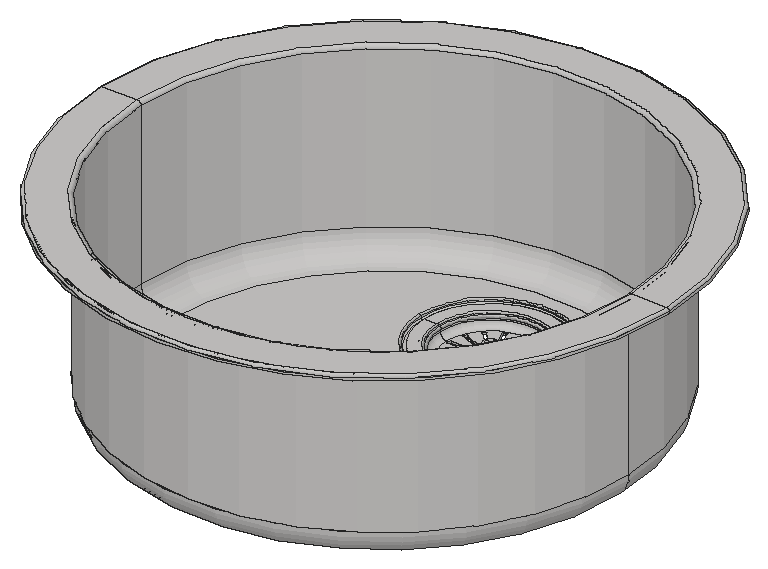
Revit family
Parameters
  Length = 450 mm  # constant formula
  Waste Connection Radius = Waste Connection Diameter / 2  # 45 mm
  Waste Connection = 1 = 1  # yes
  Vent Connection = 1 = 0  # no
  URL = "www.kwikot.com"
  Product Code = "SPB-STDP"
  Model = "Classique Kiba Series Sink"
  Manufacturer = "Kwikot"  # constant formula
  Keynote = "22 41 16.16"
  Drain Stopper Visibility = yes
  Description = "Single Bowl Stainless Steel Drop In"
  Width = 450 mm  # constant formula
  Depth = 150 mm  # constant formula
  HW Connection = 1 = 0  # no
  Family created by = "www.rbuiltcomponents.com"
  Waste Connection Diameter = 90 mm  # constant formula
  CW Connection = 1 = 0  # no
  Body Finish = Stainless_Steel-Kwikot-Satin
  Assembly Code = "D2010410"
Reference planes
  plane 1 "Bottom": z = 0
  plane 2 "Center (Left/Right)": x = 95
  plane 3 "Center (Front/Back)": y = -188
  plane 4 "Top": z = 150
  plane 5 "Drainboard Top": z = 146
  plane 6 "Back": y = 37
  plane 7 "Front": y = -413
  plane 8 "Left": x = -130
  plane 9 "Right": x = 320
  plane 10 "Drain": y = -83
  plane 11: x = -97.5
  plane 12: x = 287.5
  plane 13: y = 4.5
  plane 14: y = -380.5
Forms (mm)
  Revolve 1, solid, material "Stainless_Steel-Kwikot-Satin"
    sketch origin (0, -83, 0) x (1, 0, 0) y (0, 0, 1)
      loop
        line (50, -2.086) -> (40.405, -2.086)
        arc (40.405, -2.086) -> (39.76, -1.763) -> (39.5, -1.091) r 1
        line (39.5, -1.091) -> (39.5, 0)
        arc (39.5, 0) -> (39.207, 0.707) -> (38.5, 1) r 1
        line (38.5, 1) -> (36.5, 1) -> (36.5, 0) -> (38.5, 0) -> (38.5, -1.091)
        arc (38.5, -1.091) -> (39.039, -2.457) -> (40.366, -3.086) r 2
        line (40.366, -3.086) -> (49, -3.086) -> (49, -7) -> (50, -7) -> (50, -2.086)
      axis (95, 1) -> (95, -7)
    angle from 0 to 360
  Extrusion 2, solid, material "Stainless_Steel-Kwikot-Satin"
    sketch origin (0, 0, 0) x (1, 0, 0) y (0, 1, 0)
      loop
        circle (95, -83) r 58.5
      loop
        circle (95, -188) r 170.5
    from 1 to 0
  Revolve 3, solid, material "Stainless_Steel-Kwikot-Satin" <- "Body Finish", visible <- "Drain Stopper Visibility"
    sketch origin (0, -83, 0) x (1, 0, 0) y (0, 0, 1)
      loop
        line (95, 1.027) -> (90.956, 1.027)
        arc (90.956, 1.027) -> (89.706, -0.223) -> (90.956, -1.473) r 1.25
        line (90.956, -1.473) -> (92, -1.473) -> (92, -6.473)
        arc (92, -6.473) -> (90.828, -9.301) -> (88, -10.473) r 4
        line (88, -10.473) -> (60, -10.473)
        arc (60, -10.473) -> (56.464, -9.008) -> (55, -5.473) r 5
        line (55, -5.473) -> (55, -3.995)
        arc (55, -3.995) -> (54.962, -2.357) -> (53.55, -3.187) r 0.95
        line (53.55, -3.187) -> (53.55, -1.607)
        arc (53.55, -1.607) -> (53.257, -0.9) -> (52.55, -0.607) r 1
        line (52.55, -0.607) -> (43, -0.607) -> (43, -1.607) -> (52.55, -1.607) -> (52.55, -5.473) -> (54, -5.473)
        arc (54, -5.473) -> (55.757, -9.715) -> (60, -11.473) r 6
        line (60, -11.473) -> (95, -11.473) -> (95, 1.027)
      axis (95, 1.027) -> (95, -11.473)
    angle from 0 to 360
  Extrusion 4, void
    sketch origin (64.837, 165, 0) x (1, 0, 0) y (0, 1, 0)
      loop
        line (-2.837, -246.5) -> (-2.837, -249.5) -> (15.163, -249.5) -> (15.163, -246.5) -> (-2.837, -246.5)
      loop
        line (63.163, -246.5) -> (45.163, -246.5) -> (45.163, -249.5) -> (63.163, -249.5) -> (63.163, -246.5)
      loop
        line (-0.899, -259.243) -> (0.249, -262.014) -> (16.879, -255.126) -> (15.731, -252.354) -> (-0.899, -259.243)
      loop
        line (60.077, -233.986) -> (43.447, -240.874) -> (44.595, -243.646) -> (61.225, -236.757) -> (60.077, -233.986)
      loop
        line (5.768, -270.274) -> (7.889, -272.395) -> (20.617, -259.667) -> (18.496, -257.546) -> (5.768, -270.274)
      loop
        line (52.437, -223.605) -> (39.709, -236.333) -> (41.83, -238.454) -> (54.558, -225.726) -> (52.437, -223.605)
      loop
        line (16.149, -277.914) -> (18.92, -279.062) -> (25.809, -262.432) -> (23.037, -261.284) -> (16.149, -277.914)
      loop
        line (41.406, -216.938) -> (34.518, -233.568) -> (37.289, -234.716) -> (44.177, -218.086) -> (41.406, -216.938)
      loop
        line (28.663, -281) -> (31.663, -281) -> (31.663, -263) -> (28.663, -263) -> (28.663, -281)
      loop
        line (28.663, -215) -> (28.663, -233) -> (31.663, -233) -> (31.663, -215) -> (28.663, -215)
      loop
        line (41.406, -279.062) -> (44.177, -277.914) -> (37.289, -261.284) -> (34.518, -262.432) -> (41.406, -279.062)
      loop
        line (16.149, -218.086) -> (23.037, -234.716) -> (25.809, -233.568) -> (18.92, -216.938) -> (16.149, -218.086)
      loop
        line (52.437, -272.395) -> (54.558, -270.274) -> (41.83, -257.546) -> (39.709, -259.667) -> (52.437, -272.395)
      loop
        line (5.768, -225.726) -> (18.496, -238.454) -> (20.617, -236.333) -> (7.889, -223.605) -> (5.768, -225.726)
      loop
        line (60.077, -262.014) -> (61.225, -259.243) -> (44.595, -252.354) -> (43.447, -255.126) -> (60.077, -262.014)
      loop
        line (-0.899, -236.757) -> (15.731, -243.646) -> (16.879, -240.874) -> (0.249, -233.986) -> (-0.899, -236.757)
    from -16.779 to 10
  Revolve 5, solid, material "Stainless_Steel-Kwikot-Satin"
    sketch origin (0, -188, 0) x (1, 0, 0) y (0, 0, 1)
      loop
        arc (-128, 150) -> (-129.414, 149.414) -> (-130, 148) r 2
        line (-130, 148) -> (-130, 146) -> (-100.5, 146)
        arc (-100.5, 146) -> (-99.086, 145.414) -> (-98.5, 144) r 2
        line (-98.5, 144) -> (-98.5, 21)
        arc (-98.5, 21) -> (-92.349, 6.151) -> (-77.5, 0) r 21
        line (-77.5, 0) -> (-75.5, 0) -> (-75.5, 1) -> (-77.5, 1)
        arc (-77.5, 1) -> (-91.642, 6.858) -> (-97.5, 21) r 20
        line (-97.5, 21) -> (-97.5, 147)
        arc (-97.5, 147) -> (-98.379, 149.121) -> (-100.5, 150) r 3
        line (-100.5, 150) -> (-128, 150)
      axis (95, 150) -> (95, 0)
    angle from 0 to 360
Cuts and joins
  Extrusion 4 cuts Revolve 3
  joined: Revolve 1, Extrusion 2, Revolve 5
Lines and regions (mm)
  Masking region 1
    outline origin (0, -188, 0) x (1, 0, 0) y (0, 0, 1)
      loop
        line (318, 150) -> (-128, 150)
        arc (-128, 150) -> (-129.414, 149.414) -> (-130, 148) r 2
        line (-130, 148) -> (-130, 146) -> (-98.5, 146) -> (-98.5, 25)
        arc (-98.5, 25) -> (-91.178, 7.322) -> (-73.5, 0) r 25
        line (-73.5, 0) -> (45.5, 0) -> (49, -7) -> (141, -7) -> (144.5, 0) -> (263.5, 0)
        arc (263.5, 0) -> (281.178, 7.322) -> (288.5, 25) r 25
        line (288.5, 25) -> (288.5, 146) -> (320, 146) -> (320, 148)
        arc (320, 148) -> (319.414, 149.414) -> (318, 150) r 2
  Masking region 2
    outline origin (95, 0, 0) x (0, 1, 0) y (0, 0, 1)
      loop
        line (35, 150) -> (-411, 150)
        arc (-411, 150) -> (-412.414, 149.414) -> (-413, 148) r 2
        line (-413, 148) -> (-413, 146) -> (-381.5, 146) -> (-381.5, 25)
        arc (-381.5, 25) -> (-374.178, 7.322) -> (-356.5, 0) r 25
        line (-356.5, 0) -> (-132.5, 0) -> (-129, -7) -> (-83, -7) -> (-37, -7) -> (-33.5, 0) -> (-19.5, 0)
        arc (-19.5, 0) -> (-1.822, 7.322) -> (5.5, 25) r 25
        line (5.5, 25) -> (5.5, 146) -> (37, 146) -> (37, 148)
        arc (37, 148) -> (36.414, 149.414) -> (35, 150) r 2
  Masking region 3
    outline origin (0, 0, 0) x (1, 0, 0) y (0, 1, 0)
      loop
        circle (95, -188) r 225
  symbolic lines, style "Sink"
    curve 1: arc (50, -83, 0) -> (95, -38, 0) -> (140, -83, 0) r 45
    curve 2: arc (140, -83, 0) -> (95, -128, 0) -> (50, -83, 0) r 45
    curve 5: line (45.5, -188, 0) -> (144.5, -188, 0)
    curve 6: line (95, -32.5, 0) -> (95, -131.5, 0)
    curve 7: line (-98.5, -188, 146) -> (287.5, -188, 146)
    curve 8: line (95, 5.5, 146) -> (95, -381.5, 146)
    curve 9: arc (287.5, -188, 150) -> (95, 4.5, 150) -> (-97.5, -188, 150) r 192.5
    curve 10: arc (287.5, -188, 150) -> (95, -380.5, 150) -> (-97.5, -188, 150) r 192.5
  symbolic lines, style "Sink", detail levels fine
    curve 3: arc (40, -83, 0) -> (95, -28, 0) -> (150, -83, 0) r 55
    curve 4: arc (150, -83, 0) -> (95, -138, 0) -> (40, -83, 0) r 55
Dimensions and locks
  locked: plane 4 "Top" to level at 150
  locked: plane 4 "Top" to plane 5 "Drainboard Top" at 4
  equal spacing: plane 8 "Left", plane 2 "Center (Left/Right)", plane 9 "Right"
  locked: plane 8 "Left" to plane 9 "Right" at 450
  equal spacing: plane 7 "Front", plane 3 "Center (Front/Back)", plane 6 "Back"
  locked: plane 7 "Front" to plane 6 "Back" at 450
  locked: plane 3 "Center (Front/Back)" to plane 10 "Drain" at 105
  equal spacing: plane 14, plane 3 "Center (Front/Back)", plane 13
  locked: plane 14 to plane 13 at 385
  equal spacing: plane 11, plane 2 "Center (Left/Right)", plane 12
  locked: plane 11 to plane 12 at 385
  aligned: Extrusion 2 sketch curve to Revolve 1
  aligned and locked: Revolve 5 sketch curve to plane 4 "Top"
  aligned and locked: Revolve 5 sketch curve to plane 5 "Drainboard Top"
  aligned and locked: Revolve 5 sketch curve to plane 8 "Left"
  aligned and locked: Revolve 5 sketch curve to level
  aligned and locked: Revolve 5 sketch curve to plane 2 "Center (Left/Right)"
  aligned and locked: Extrusion 2 sketch curve to Revolve 5
  aligned and locked: Masking region 3 sketch curve to cut or joined group of Revolve 1, Extrusion 2, Revolve 5  (x2)
  aligned and locked: Masking region 1 sketch curve to plane 5 "Drainboard Top"
  aligned and locked: plane 5 "Drainboard Top" to Masking region 1 sketch curve
  aligned and locked: plane 9 "Right" to Masking region 1 sketch curve
  aligned and locked: plane 8 "Left" to Masking region 1 sketch curve
  aligned and locked: curve 7 to plane 5 "Drainboard Top"
  aligned and locked: plane 5 "Drainboard Top" to Masking region 2 sketch curve
  aligned and locked: Masking region 2 sketch curve to plane 5 "Drainboard Top"
  aligned and locked: Masking region 2 sketch curve to plane 7 "Front"
  aligned and locked: Masking region 2 sketch curve to plane 6 "Back"
  aligned and locked: curve 8 to plane 5 "Drainboard Top"
Automatic sketch dimensions
  curve 1 to curve 3 = 0 mm  (x2)
  curve 4 to plane 3 "Center (Front/Back)" = 105 mm
  plane 8 "Left" to curve 4 = 170 mm
  curve 3 to curve 2 = 10 mm
  curve 1 to curve 2 = 45 mm
  Extrusion 4 sketch curve to plane 3 "Center (Front/Back)" = 103.5 mm  (x2)
  plane 8 "Left" to Extrusion 4 sketch curve = 192 mm
  Extrusion 4 sketch curve to plane 3 "Center (Front/Back)" = 93.757 mm
  Extrusion 4 sketch curve to Extrusion 4 sketch curve = 1.938 mm  (x5)
  Extrusion 4 sketch curve to plane 3 "Center (Front/Back)" = 116.243 mm
  Extrusion 4 sketch curve to plane 3 "Center (Front/Back)" = 119.014 mm  (x2)
  Extrusion 4 sketch curve to Extrusion 4 sketch curve = 1.148 mm  (x4)
  Extrusion 4 sketch curve to plane 3 "Center (Front/Back)" = 90.986 mm  (x2)
  Extrusion 4 sketch curve to plane 3 "Center (Front/Back)" = 127.274 mm
  Extrusion 4 sketch curve to Extrusion 4 sketch curve = 5.519 mm  (x2)
  Extrusion 4 sketch curve to plane 3 "Center (Front/Back)" = 129.395 mm  (x2)
  Extrusion 4 sketch curve to Extrusion 4 sketch curve = 2.121 mm  (x4)
  Extrusion 4 sketch curve to plane 3 "Center (Front/Back)" = 80.605 mm  (x2)
  Extrusion 4 sketch curve to Extrusion 4 sketch curve = 18 mm
  Extrusion 4 sketch curve to plane 3 "Center (Front/Back)" = 109.354 mm  (x2)
  Extrusion 4 sketch curve to plane 3 "Center (Front/Back)" = 100.646 mm  (x2)
  Extrusion 4 sketch curve to Extrusion 4 sketch curve = 8.259 mm  (x2)
  Extrusion 4 sketch curve to plane 3 "Center (Front/Back)" = 95.454 mm  (x2)
  Extrusion 4 sketch curve to Extrusion 4 sketch curve = 1.617 mm  (x3)
  Extrusion 4 sketch curve to plane 3 "Center (Front/Back)" = 114.546 mm  (x2)
  Extrusion 4 sketch curve to plane 3 "Center (Front/Back)" = 73.938 mm  (x2)
  Extrusion 4 sketch curve to Extrusion 4 sketch curve = 2.772 mm  (x4)
  Extrusion 4 sketch curve to plane 3 "Center (Front/Back)" = 136.062 mm  (x2)
  Extrusion 4 sketch curve to plane 3 "Center (Front/Back)" = 91.716 mm  (x2)
  Extrusion 4 sketch curve to Extrusion 4 sketch curve = 2.42 mm  (x4)
  Extrusion 4 sketch curve to plane 3 "Center (Front/Back)" = 118.284 mm  (x2)
  Extrusion 4 sketch curve to Extrusion 4 sketch curve = 9.743 mm
  Extrusion 4 sketch curve to Extrusion 4 sketch curve = 2.854 mm  (x3)
  Extrusion 4 sketch curve to Extrusion 4 sketch curve = 3 mm  (x2)
  Extrusion 4 sketch curve to plane 3 "Center (Front/Back)" = 90.568 mm
  Extrusion 4 sketch curve to plane 3 "Center (Front/Back)" = 119.432 mm
  Extrusion 4 sketch curve to plane 3 "Center (Front/Back)" = 93.333 mm
  Extrusion 4 sketch curve to plane 3 "Center (Front/Back)" = 116.667 mm
  Extrusion 4 sketch curve to plane 3 "Center (Front/Back)" = 112.126 mm
  Extrusion 4 sketch curve to plane 3 "Center (Front/Back)" = 97.874 mm
  Extrusion 4 sketch curve to Extrusion 4 sketch curve = 0.568 mm  (x3)
  Extrusion 4 sketch curve to plane 3 "Center (Front/Back)" = 106.5 mm  (x2)
  Masking region 2 sketch curve to plane 4 "Top" = 0 mm
  Masking region 2 sketch curve to level = 0 mm  (x2)
  Masking region 2 sketch curve to plane 3 "Center (Front/Back)" = 105 mm
  Masking region 2 sketch curve to level = 7 mm
  Masking region 2 sketch curve to plane 3 "Center (Front/Back)" = 59 mm
  Masking region 2 sketch curve to Masking region 2 sketch curve = 3.5 mm  (x2)
  Masking region 2 sketch curve to plane 7 "Front" = 56.5 mm
  Masking region 2 sketch curve to Masking region 2 sketch curve = 25 mm
  Masking region 2 sketch curve to plane 7 "Front" = 2 mm
  Masking region 2 sketch curve to Masking region 2 sketch curve = 46 mm
  plane 6 "Back" to Masking region 2 sketch curve = 56.5 mm
  plane 6 "Back" to Masking region 2 sketch curve = 31.5 mm
  plane 6 "Back" to Masking region 2 sketch curve = 2 mm
  Extrusion 2 sketch curve to Extrusion 2 sketch curve = 0 mm
  Extrusion 2 sketch curve to Extrusion 2 sketch curve = 105 mm
  Extrusion 2 sketch curve to Extrusion 2 sketch curve = 58.5 mm
  Revolve 3 sketch curve to Revolve 3 sketch curve = 0 mm  (x5)
  Revolve 3 sketch curve to plane 2 "Center (Left/Right)" = 0 mm  (x2)
  Revolve 3 sketch curve to plane 2 "Center (Left/Right)" = 3 mm
  Revolve 3 sketch curve to level = 0.223 mm
  Revolve 3 sketch curve to Revolve 3 sketch curve = 1.044 mm
  Revolve 3 sketch curve to Revolve 3 sketch curve = 4 mm
  Revolve 3 sketch curve to level = 11.473 mm
  Revolve 3 sketch curve to Revolve 3 sketch curve = 28 mm
  Revolve 3 sketch curve to Revolve 3 sketch curve = 5 mm
  Revolve 3 sketch curve to Revolve 3 sketch curve = 0.5 mm
  Revolve 3 sketch curve to Revolve 3 sketch curve = 1 mm  (x3)
  Revolve 3 sketch curve to Revolve 3 sketch curve = 0.95 mm
  Revolve 3 sketch curve to level = 0.607 mm
  Revolve 3 sketch curve to Revolve 3 sketch curve = 9.55 mm
  Revolve 3 sketch curve to Revolve 3 sketch curve = 12.558 mm
  Revolve 3 sketch curve to Revolve 3 sketch curve = 1.478 mm
  Revolve 3 sketch curve to level = 1.473 mm
  Revolve 3 sketch curve to Revolve 3 sketch curve = 24.942 mm
  Revolve 1 sketch curve to Revolve 1 sketch curve = 0 mm  (x3)
  Revolve 1 sketch curve to level = 0 mm  (x2)
  Revolve 1 sketch curve to plane 2 "Center (Left/Right)" = 0 mm
  Revolve 1 sketch curve to level = 7 mm
  Revolve 1 sketch curve to plane 2 "Center (Left/Right)" = 45 mm
  Revolve 1 sketch curve to Revolve 1 sketch curve = 1 mm  (x3)
  Revolve 1 sketch curve to level = 1.091 mm
  Revolve 1 sketch curve to Revolve 1 sketch curve = 8.5 mm
  Revolve 1 sketch curve to Revolve 1 sketch curve = 0.095 mm
  Revolve 1 sketch curve to Revolve 1 sketch curve = 0.039 mm
  Revolve 1 sketch curve to Revolve 1 sketch curve = 2 mm
  Revolve 1 sketch curve to level = 24.058 mm
  level to Revolve 1 sketch curve = 25.942 mm
  curve 9 to curve 10 = 0 mm  (x2)
  plane 3 "Center (Front/Back)" to curve 9 = 0 mm
  curve 10 to plane 2 "Center (Left/Right)" = 0 mm
  curve 10 to plane 9 "Right" = 32.5 mm
  Masking region 1 sketch curve to plane 4 "Top" = 0 mm
  Masking region 1 sketch curve to level = 0 mm  (x2)
  plane 8 "Left" to Masking region 1 sketch curve = 2 mm
  level to Masking region 1 sketch curve = 25 mm
  plane 8 "Left" to Masking region 1 sketch curve = 31.5 mm
  Masking region 1 sketch curve to Masking region 1 sketch curve = 119 mm
  Masking region 1 sketch curve to level = 7 mm
  Masking region 1 sketch curve to Masking region 1 sketch curve = 3.5 mm  (x2)
  plane 2 "Center (Left/Right)" to Masking region 1 sketch curve = 46 mm
  plane 2 "Center (Left/Right)" to Masking region 1 sketch curve = 168.5 mm
  plane 2 "Center (Left/Right)" to Masking region 1 sketch curve = 193.5 mm
  Masking region 1 sketch curve to Masking region 1 sketch curve = 2 mm
  curve 5 to level = 0 mm
  plane 8 "Left" to curve 7 = 31.5 mm
  plane 8 "Left" to curve 5 = 175.5 mm
  plane 2 "Center (Left/Right)" to curve 5 = 49.5 mm
  curve 7 to plane 9 "Right" = 32.5 mm
  curve 6 to level = 0 mm
  curve 8 to plane 7 "Front" = 31.5 mm
  plane 10 "Drain" to curve 6 = 48.5 mm
  curve 6 to plane 10 "Drain" = 50.5 mm
  plane 6 "Back" to curve 8 = 31.5 mm
  Revolve 5 sketch curve to Revolve 5 sketch curve = 0 mm  (x3)
  Revolve 5 sketch curve to plane 11 = 0 mm
  Revolve 5 sketch curve to level = 0 mm
  Revolve 5 sketch curve to plane 4 "Top" = 0 mm
  plane 8 "Left" to Revolve 5 sketch curve = 2 mm
  Revolve 5 sketch curve to plane 11 = 3 mm
  Revolve 5 sketch curve to plane 11 = 1 mm
  plane 11 to Revolve 5 sketch curve = 20 mm
  Revolve 5 sketch curve to Revolve 5 sketch curve = 2 mm
